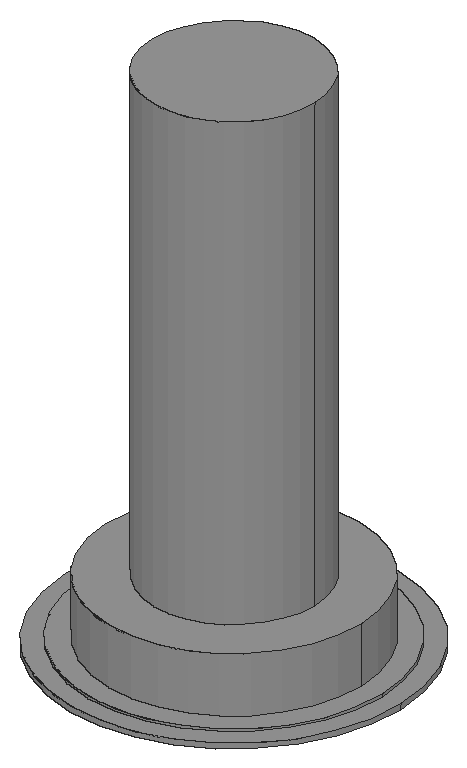
Revit family "VASARI 6 Round Fix Trim 02", category Lighting Fixtures, host Ceiling, Revit 2017
Family settings
  Host = Ceiling
  Round Connector Dimension = Use Diameter
  Part Type = Normal
  OmniClass Number = 23.80.70.11
  OmniClass Title = Luminaries for Internal Lighting
  Always vertical = Yes
  Cut with Voids When Loaded = No
  Light Source = Yes
  Shared = No
  Room Calculation Point = No
Parameters (values of type "500P")
  Wattage = 9.2903 W
  built-in parameter 1150110 = 1 (stored number, unit not read)
  built-in parameter 1114217 = 1 (stored number, unit not read)
  Tilt Angle = 90.00°
  built-in parameter 1150109 = 1 (stored number, unit not read)
  built-in parameter 1150134 = (empty or 0)
  built-in parameter 1150113 = 1 (stored number, unit not read)
  Photometric Web File = "ELR500P 30D.IES"
  Lumens = 1380 lm
  built-in parameter 1150115 = 1 (stored number, unit not read)
  built-in parameter 1150105 = 109.82 (stored number, unit not read)
  built-in parameter 1150137 = (empty or 0)
  built-in parameter 1150139 = (empty or 0)
  built-in parameter 1150112 = 1 (stored number, unit not read)
  built-in parameter 1150114 = 1 (stored number, unit not read)
  built-in parameter 1150132 = 2
  built-in parameter 1150102 = (empty or 0)
  built-in parameter 1150138 = (empty or 0)
  built-in parameter 1150107 = 3000 (stored number, unit not read)
  built-in parameter 1150106 = 1.0982 (stored number, unit not read)
  built-in parameter 1150104 = 13.8 (stored number, unit not read)
  Dimming Lamp Color Temperature Shift = <None>
  Color Filter = 16777215
  built-in parameter 1114218 = 1 (stored number, unit not read)
  built-in parameter 1150133 = 10 (stored number, unit not read)
Types (2, lengths in mm): name | Photometric Web File
  Type 1 | "ELR50P 35D.IES"
  500P | "ELR500P 30D.IES"
Reference planes
  plane 1 "Light Source Axis (F/B)": y = 0
  plane 2: z = 0
  plane 3 "Light Source Axis (L/R)": x = 0
  plane 4 "Ceiling": z = 4000
  plane 5 "Light Source Elevation": z = 4000
  plane 6 "Top": y = 72.014
  plane 7: y = -72.014
  plane 8 "Right": x = 72.014
  plane 9 "Left": x = -72.014
  plane 10: z = 4220
Forms (mm)
  Extrusion 1, solid, material "ELR Plastic, Opaque White"
    sketch origin (239.98, 0, 4000) x (-1, 0, 0) y (0, -1, 0)
      loop
        circle (239.98, 0) r 64
      loop
        circle (239.98, 0) r 72.014
    from -1.09 to 1.009
  Extrusion 2, solid, material "ELR Plastic, Opaque White"
    sketch origin (239.98, 0, 4000) x (-1, 0, 0) y (0, -1, 0)
      loop
        circle (239.98, 0) r 55
      loop
        circle (239.98, 0) r 30
    from 2.018 to 26
  Extrusion 3, solid, material "ELR Plastic, Opaque White"
    sketch origin (-115, 0, 4000) x (0, 1, 0) y (-1, 0, 0)
      loop
        circle (0, -115) r 64
      loop
        circle (0, -115) r 55
    from 1.009 to 2.018
  Extrusion 4, solid, material "ELR Plastic, Opaque White"
    sketch origin (239.98, 0, 4000) x (-1, 0, 0) y (0, -1, 0)
      loop
        circle (239.98, 0) r 35
    from 26 to 220
  Extrusion 5, solid, material "ELR Light Emissive"
    sketch origin (0, 0, 4000) x (0, 1, 0) y (-1, 0, 0)
      loop
        circle (0, 0) r 30
    from 1 to 2
Lines and regions (mm)
  Opening 1
    outline origin (0, 0, 4000) x (1, 0, 0) y (0, 1, 0)
      loop
        circle (0, 0.331) r 71.657
  Opening 2
    outline origin (0, 0, 4000) x (1, 0, 0) y (0, 1, 0)
      loop
        circle (0, 0.331) r 61.327
Dimensions and locks
  equal spacing: host sketch curve, plane 3 "Light Source Axis (L/R)", host sketch curve
  equal spacing: host sketch curve, plane 1 "Light Source Axis (F/B)", host sketch curve
  host sketch curve to host sketch curve = 4000 mm  (x2)
  plane 4 "Ceiling" to host ceiling = 0 mm
  plane 9 "Left" to plane 8 "Right" = 144.028 mm  (x2)
  plane 6 "Top" to plane 7 = 144.028 mm
  imposter light to plane 10 = 220 mm
  aligned and locked: plane 3 "Light Source Axis (L/R)" to imposter light
  aligned and locked: plane 1 "Light Source Axis (F/B)" to imposter light
  aligned and locked: plane 5 "Light Source Elevation" to imposter light
  aligned and locked: plane 10 to Extrusion 4
